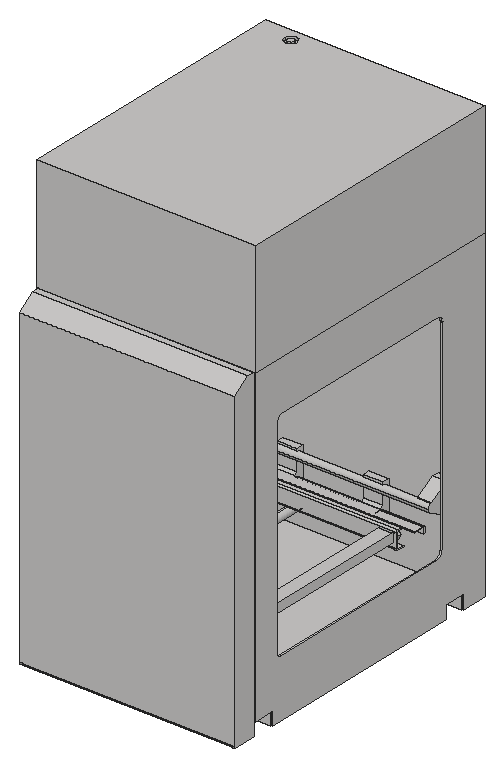
Revit family "QF_VEETSAN_534411_NCDSRE56", category Specialty Equipment, Revit 2018
Family settings
  Round Connector Dimension = Use Diameter
  Part Type = Normal
  Work Plane-Based = No
  Always vertical = Yes
  Cut with Voids When Loaded = No
  Shared = No
  Room Calculation Point = No
Parameters (values of type "QF_VEETSAN_534411_NCDSRE56")
  Weight = 40.00 kg
  Watts = 408.773 W
  Volts = 380 V
  URL Manufacturer = "http://www.veetsan.eu/"
  URL = "http://www.veetsan.eu/"
  Steam Supply Size = 0 mm
  Steam Supply Minimum Pressure = 0.0 Pa
  Steam Supply Maximum Pressure = 0.0 Pa
  Steam Pounds per Hour = 0
  Show Clearance [instance] = yes
  Refrigeration Suction Line Size = 0 mm
  Refrigeration Liquid Line Size = 0 mm
  Refrigerant Compressor Remote = yes
  Manufacturer = "Veetsan"
  Phase = 3
  Model = "NCDSRE56"
  Length Actual = 872 mm  # constant formula
  Item Number = "534411"
  Hot Water Size = 0 mm
  Height Actual = 877 mm  # constant formula
  HP = "5.9 HP"
  Gas Size = 0 mm
  Gas KW = 0
  Gas Input Pressure = 0 W
  Description = "CORNER DRYER FOR SINGLE RINSE RT, ELECTRIC, 50HZ & 60HZ"
  Depth Actual = 872 mm  # constant formula
  Cycle = 60 Hz
  Condensate Return Size = 0 mm
  Compressed Air Volume = 0.0 L/s
  Compressed Air Size = 0 mm
  Compressed Air Pressure = 0.0 Pa
  Cold Water Size = 0 mm
  Accessory = yes
Types (2, lengths in mm): name | URL | Manufacturer | Phase | Model | Description
  (no name) | 0 | 0 | 0 | 0 | 0
  QF_VEETSAN_534411_NCDSRE56 | "http://www.veetsan.eu/" | "Veetsan" | 3 | "NCDSRE56" | "CORNER DRYER FOR SINGLE RINSE RT, ELECTRIC, 50HZ & 60HZ"
Values of the unnamed type that differ from the named types
  Watts = 0 W
  Volts = 0 V
  URL Manufacturer = ""
  Item Number = ""
  HP = ""
  Cycle = 0 Hz
Reference planes
  plane 1: z = 0
  plane 2 "Center Y": x = 293.437
  plane 3 "LEFT": x = 13.437
  plane 4 "RIGHT": x = 573.437
  plane 5 "BACK": y = 383.258
  plane 6 "FRONT": y = -408.742
  plane 7: z = 150
  plane 8: y = -16.742
Forms (mm)
  Extrusion 1, solid, material "QF_Clearance", visible <- "Show Clearance", detail levels coarse
    sketch origin (0, 0, 0) x (1, 0, 0) y (0, 1, 0)
      loop
        line (13.437, 383.258) -> (573.437, 383.258) -> (573.437, 433.258) -> (13.437, 433.258) -> (13.437, 383.258)
    from 658 to 1785
  Extrusion 2, solid, material "QF_Finishes_Stainless Steel"
    sketch origin (13.437, 437.565, 4000) x (0, 1, 0) y (0, 0, 1)
      loop
        line (-730.807, -3340) -> (-177.807, -3340) -> (-177.807, -3305) -> (-121.807, -3305) -> (-121.807, -3340) -> (-54.307, -3340) -> (-54.307, -2507) -> (-786.307, -2507) -> (-786.307, -3305) -> (-730.807, -3305) -> (-730.807, -3340)
      loop
        arc (-206.509, -3192.258) -> (-194.345, -3187.22) -> (-189.307, -3175.057) r 17.201
        line (-189.307, -3175.057) -> (-189.307, -2652.201)
        arc (-189.307, -2652.201) -> (-194.345, -2640.038) -> (-206.509, -2635) r 17.201
        line (-206.509, -2635) -> (-702.106, -2635)
        arc (-702.106, -2635) -> (-714.269, -2640.038) -> (-719.307, -2652.201) r 17.201
        line (-719.307, -2652.201) -> (-719.307, -3175.057)
        arc (-719.307, -3175.057) -> (-714.269, -3187.22) -> (-702.106, -3192.258) r 17.201
        line (-702.106, -3192.258) -> (-206.509, -3192.258)
    from 0 to 5
  Extrusion 3, solid, material "QF_Finishes_Stainless Steel"
    sketch origin (293.437, 0, 235) x (0, 1, 0) y (0, 0, 1)
      loop
        line (383.258, 1550) -> (-348.742, 1550) -> (-348.742, 1258) -> (383.258, 1258) -> (383.258, 1550)
    from -280 to 280
  Extrusion 4, solid, material "QF_Finishes_Stainless Steel"
    sketch origin (293.437, 0, 0) x (0, 1, 0) y (0, 0, 1)
      loop
        line (383.258, 1493) -> (-348.742, 1493) -> (-348.742, 695) -> (-293.242, 695) -> (-293.242, 658) -> (259.758, 658) -> (259.758, 695) -> (315.758, 695) -> (315.758, 658) -> (383.258, 658) -> (383.258, 1493)
      loop
        line (-331.742, 710) -> (308.258, 710) -> (308.258, 1443) -> (-331.742, 1443) -> (-331.742, 710)
    from -275 to 275
  Extrusion 5, solid, material "QF_Finishes_Stainless Steel"
    sketch origin (573.437, 479.936, 4000) x (0, 1, 0) y (0, 0, 1)
      loop
        line (-248.879, -2635) -> (-744.477, -2635)
        arc (-744.477, -2635) -> (-756.64, -2640.038) -> (-761.678, -2652.201) r 17.201
        line (-761.678, -2652.201) -> (-761.678, -3175.057)
        arc (-761.678, -3175.057) -> (-756.64, -3187.22) -> (-744.477, -3192.258) r 17.201
        line (-744.477, -3192.258) -> (-248.879, -3192.258)
        arc (-248.879, -3192.258) -> (-236.716, -3187.22) -> (-231.678, -3175.057) r 17.201
        line (-231.678, -3175.057) -> (-231.678, -2652.201)
        arc (-231.678, -2652.201) -> (-236.716, -2640.038) -> (-248.879, -2635) r 17.201
      loop
        line (-220.178, -3340) -> (-220.178, -3305) -> (-164.178, -3305) -> (-164.178, -3340) -> (-96.678, -3340) -> (-96.678, -2507) -> (-828.678, -2507) -> (-828.678, -3305) -> (-773.178, -3305) -> (-773.178, -3340) -> (-220.178, -3340)
    from -5 to 0
  Extrusion 6, void
    sketch origin (293.437, 383.258, 1785) x (1, 0, 0) y (0, -1, 0)
      loop
        circle (-188, 33.75) r 8
      loop
        circle (-188, 33.75) r 16
    from 0 to 5
  Revolve 7, solid, material "QF_Finishes_Gray"
    sketch origin (360.437, -16.742, 0) x (1, 0, 0) y (0, 0, -1)
      loop
        line (0, -658) -> (39.084, -658) -> (39.084, -648.685) -> (28.095, -648.685) -> (28.095, -636.039) -> (22.236, -632.656) -> (22.236, -612) -> (0, -612) -> (0, -658)
      axis (0, -612) -> (0, -658)
    angle from 0 to 360
Cuts and joins
  Extrusion 6 cuts Extrusion 3
Lines and regions (mm)
  symbolic lines, style "QF_Clearances", visible <- "Show Clearance", detail levels coarse
    curve 1: line (573.437, 433.258, 1785) -> (13.437, 433.258, 1785)
  symbolic lines
    curve 2: line (13.437, 383.258, 0) -> (573.437, 383.258, 0)
    curve 3: line (13.437, -348.742, 0) -> (13.437, 383.258, 0)
    curve 4: line (573.437, -348.742, 0) -> (13.437, -348.742, 0)
    curve 5: line (573.437, 383.258, 0) -> (573.437, -348.742, 0)
    curve 6: line (13.437, 308.258, 0) -> (573.437, 308.258, 0)
    curve 7: line (573.437, -281.742, 0) -> (13.437, -281.742, 0)
Dimensions and locks
  plane 3 "LEFT" to plane 4 "RIGHT" = 560 mm
  plane 5 "BACK" to plane 6 "FRONT" = 792 mm  (x2)
  plane 7 to level = 150 mm
  Extrusion 1 to Extrusion 6 sketch curve = 92 mm
  aligned and locked: level to plane 1
  aligned and locked: cut or joined group of Extrusion 3, Extrusion 6 to plane 3 "LEFT"
  aligned and locked: plane 4 "RIGHT" to cut or joined group of Extrusion 3, Extrusion 6
Nested families
  nested 1: "Door_22'' Dryer" at (50, 3, 0), Show Clearance <- "Show Clearance", type "Door_22'' Dryer"
  nested 2: "Basket_Guide+Wash_Arm_22''" at (0, 0, 0), type "Basket_Guide+Wash_Arm_22''"
Connectors
  electrical at (105.437, 349.508, 1785), driven by "Volts"
    settings: on cut or joined group of Extrusion 3, Extrusion 6, index 5, voltage 380 V, apparent load 0 VA, apparent load phase1 0 VA, apparent load phase2 0 VA, apparent load phase3 0 VA, power factor 1, load classification "Altro", number of poles 1, system type 30, power factor state 1, is connector primary yes, connector utility no, sub classification motor no, connector description "Electrical Connection"
  piping at (360.437, -16.742, 612), diameter 40
    settings: on Revolve 7, index 6, connector inside diameter 609.6 mm, connector length 0 mm, flow factor 0, pipe flow 0.0 L/s, pressure drop 0.0 Pa, fitting loss kfactor 0, connector angle 0.00°, fixture units 0, engagement length 0 mm, angle of deflection 0.00°, flow configuration 1, flow direction 2, fitting loss method 0, system type 16, joint type 0, gender type 0, connector reference index -1, connector utility 0, adjustable connector no, is connector primary yes, connector description "Drain"
Definition of nested family "Door_22'' Dryer"
  Parameters
    Show Clearance [instance] = yes
  Reference planes
    plane 1: z = 0
    plane 2 "Center Y": x = 243.437
    plane 3 "LEFT": x = -36.563
    plane 4 "RIGHT": x = 523.437
    plane 5 "FRONT": y = -411.742
    plane 6: z = 150
    plane 7 "TOP": z = 1785
    plane 8: z = 2095
    plane 9: y = -351.742
  Forms (mm)
    Extrusion 1, solid
      sketch origin (243.437, 0, 0) x (0, 1, 0) y (0, 0, 1)
        loop
          line (-351.742, 658) -> (-351.742, 1493) -> (-371.817, 1493) -> (-411.742, 1463.413) -> (-411.742, 660.5)
          arc (-411.742, 660.5) -> (-411.01, 658.732) -> (-409.242, 658) r 2.5
          line (-409.242, 658) -> (-351.742, 658)
      from -275 to 275
  Lines and regions (mm)
    symbolic lines
      curve 1: line (-31.563, -411.742, 1785) -> (-31.563, -351.742, 1785)
      curve 2: line (518.437, -411.742, 1785) -> (-31.563, -411.742, 1785)
      curve 3: line (518.437, -351.742, 1785) -> (518.437, -411.742, 1785)
  Dimensions and locks
    plane 3 "LEFT" to plane 4 "RIGHT" = 560 mm
    plane 7 "TOP" to plane 6 to level = 1635 mm, 150 mm
    equal spacing: plane 3 "LEFT", plane 2 "Center Y", plane 4 "RIGHT"
    aligned and locked: level to plane 1
  Automatic sketch dimensions
    Extrusion 1 sketch curve to plane 5 "FRONT" = 0 mm
    plane 5 "FRONT" to Extrusion 1 sketch curve = 2.5 mm
    curve 1 to plane 9 = 0 mm
    curve 3 to plane 9 = 0 mm
    curve 2 to plane 5 "FRONT" = 0 mm
    plane 6 to Extrusion 1 sketch curve = 508 mm
    plane 3 "LEFT" to curve 1 = 5 mm
    curve 2 to plane 4 "RIGHT" = 5 mm
    Extrusion 1 sketch curve to plane 9 = 20.076 mm
    Extrusion 1 sketch curve to plane 7 "TOP" = 292 mm
    Extrusion 1 sketch curve to plane 9 = 0 mm
    Extrusion 1 sketch curve to Extrusion 1 sketch curve = 29.587 mm
Definition of nested family "Basket_Guide+Wash_Arm_22''"
  Reference planes
    plane 1: z = 0
    plane 2 "Center Y": x = 293.437
    plane 3 "LEFT": x = 13.437
    plane 4 "RIGHT": x = 573.437
    plane 5: z = 150
    plane 6 "TOP": z = 1785
    plane 7: z = 875
    plane 8: y = 383.258
    plane 9: y = -408.742
  Forms (mm)
    Extrusion 1, solid
      sketch origin (293.437, 0, 0) x (0, 1, 0) y (0, 0, 1)
        loop
          line (-283.687, 929.245) -> (-331.742, 956.99) -> (-331.742, 879.81) -> (-283.687, 907.554) -> (-283.687, 929.245)
        loop
          line (240.203, 929.245) -> (240.203, 907.554) -> (288.258, 879.81) -> (308.258, 879.81) -> (308.258, 956.99) -> (288.258, 956.99) -> (240.203, 929.245)
      from 259 to 223
    Extrusion 2, solid
      sketch origin (293.437, 0, 0) x (0, 1, 0) y (0, 0, 1)
        loop
          line (-283.687, 880.8) -> (-283.687, 933.4) -> (-301.108, 933.4) -> (-301.108, 856.308) -> (-249.185, 804.385) -> (-240.463, 763.388) -> (-239.485, 763.596) -> (-248.268, 804.882) -> (-277.084, 833.698) -> (-240.687, 833.698) -> (-240.687, 855.89) -> (-260.687, 855.89) -> (-260.687, 872.8) -> (-275.687, 872.8) -> (-283.687, 880.8)
        loop
          line (240.203, 880.8) -> (232.203, 872.8) -> (217.203, 872.8) -> (217.203, 855.89) -> (197.203, 855.89) -> (197.203, 833.698) -> (235.015, 833.698) -> (257.624, 856.308) -> (257.624, 933.4) -> (240.203, 933.4) -> (240.203, 880.8)
        loop
          line (-266.685, 1443) -> (-266.685, 1420.164) -> (-244.067, 1380.988) -> (-242.335, 1381.988) -> (-264.685, 1420.7) -> (-264.685, 1443) -> (-266.685, 1443)
      from 135 to 85
    Extrusion 3, solid
      sketch origin (293.437, 0, 0) x (0, 1, 0) y (0, 0, 1)
        loop
          line (-238.687, 858) -> (-238.687, 836) -> (195.203, 836) -> (195.203, 858) -> (-238.687, 858)
      from 195 to 160
    Extrusion 4, solid
      sketch origin (293.437, 0, 0) x (0, 1, 0) y (0, 0, 1)
        loop
          line (-283.687, 929.245) -> (-331.742, 956.99) -> (-331.742, 879.81) -> (-283.687, 907.554) -> (-283.687, 929.245)
        loop
          line (240.203, 929.245) -> (240.203, 907.554) -> (288.258, 879.81) -> (308.258, 879.81) -> (308.258, 956.99) -> (288.258, 956.99) -> (240.203, 929.245)
      from -259 to -223
    Extrusion 5, solid
      sketch origin (293.437, 0, 0) x (0, 1, 0) y (0, 0, 1)
        loop
          circle (-283.687, 918.4) r 10
        loop
          circle (240.203, 918.4) r 10
      from -259 to 259
    Extrusion 6, solid
      sketch origin (293.437, 0, 0) x (0, 1, 0) y (0, 0, 1)
        loop
          line (-283.687, 880.8) -> (-283.687, 933.4) -> (-301.108, 933.4) -> (-301.108, 856.308) -> (-249.185, 804.385) -> (-240.463, 763.388) -> (-239.485, 763.596) -> (-248.268, 804.882) -> (-277.084, 833.698) -> (-240.687, 833.698) -> (-240.687, 855.89) -> (-260.687, 855.89) -> (-260.687, 872.8) -> (-275.687, 872.8) -> (-283.687, 880.8)
        loop
          line (240.203, 880.8) -> (232.203, 872.8) -> (217.203, 872.8) -> (217.203, 855.89) -> (197.203, 855.89) -> (197.203, 833.698) -> (235.015, 833.698) -> (257.624, 856.308) -> (257.624, 933.4) -> (240.203, 933.4) -> (240.203, 880.8)
        loop
          line (-266.685, 1443) -> (-266.685, 1420.164) -> (-244.067, 1380.988) -> (-242.335, 1381.988) -> (-264.685, 1420.7) -> (-264.685, 1443) -> (-266.685, 1443)
      from -135 to -85
    Extrusion 7, solid
      sketch origin (293.437, 0, 0) x (0, 1, 0) y (0, 0, 1)
        loop
          line (233.58, 858) -> (235.58, 858) -> (235.58, 870.68)
          arc (235.58, 870.68) -> (234.315, 873.735) -> (231.26, 875) r 4.32
          line (231.26, 875) -> (203.58, 875) -> (203.58, 873) -> (231.26, 873)
          arc (231.26, 873) -> (232.901, 872.32) -> (233.58, 870.68) r 2.32
          line (233.58, 870.68) -> (233.58, 858)
        loop
          line (-277.064, 858) -> (-277.064, 870.68)
          arc (-277.064, 870.68) -> (-276.384, 872.32) -> (-274.744, 873) r 2.32
          line (-274.744, 873) -> (-247.064, 873) -> (-247.064, 875) -> (-274.744, 875)
          arc (-274.744, 875) -> (-277.799, 873.735) -> (-279.064, 870.68) r 4.32
          line (-279.064, 870.68) -> (-279.064, 858) -> (-277.064, 858)
      from -245 to 245
    Extrusion 8, solid
      sketch origin (293.437, 0, 0) x (0, 1, 0) y (0, 0, 1)
        loop
          line (197.203, 825.32) -> (197.203, 861.68)
          arc (197.203, 861.68) -> (197.883, 863.32) -> (199.523, 864) r 2.32
          line (199.523, 864) -> (217.203, 864) -> (217.203, 866) -> (199.523, 866)
          arc (199.523, 866) -> (196.469, 864.735) -> (195.203, 861.68) r 4.32
          line (195.203, 861.68) -> (195.203, 825.32)
          arc (195.203, 825.32) -> (196.469, 822.265) -> (199.523, 821) r 4.32
          line (199.523, 821) -> (217.203, 821) -> (217.203, 823) -> (199.523, 823)
          arc (199.523, 823) -> (197.883, 823.679) -> (197.203, 825.32) r 2.32
        loop
          arc (-240.687, 825.32) -> (-241.366, 823.679) -> (-243.007, 823) r 2.32
          line (-243.007, 823) -> (-260.687, 823) -> (-260.687, 821) -> (-243.007, 821)
          arc (-243.007, 821) -> (-239.952, 822.265) -> (-238.687, 825.32) r 4.32
          line (-238.687, 825.32) -> (-238.687, 861.68)
          arc (-238.687, 861.68) -> (-239.952, 864.735) -> (-243.007, 866) r 4.32
          line (-243.007, 866) -> (-260.687, 866) -> (-260.687, 864) -> (-243.007, 864)
          arc (-243.007, 864) -> (-241.366, 863.32) -> (-240.687, 861.68) r 2.32
          line (-240.687, 861.68) -> (-240.687, 825.32)
      from -205 to 205
    Extrusion 9, solid
      sketch origin (293.437, 0, 0) x (0, 1, 0) y (0, 0, 1)
        loop
          line (-238.687, 858) -> (-238.687, 836) -> (195.203, 836) -> (195.203, 858) -> (-238.687, 858)
      from -195 to -160
    Extrusion 10, solid
      sketch origin (128.437, 308.258, 1443) x (0, 0, 1) y (-1, 0, 0)
        loop
          line (-650.516, -267.5) -> (-663.507, -260) -> (-676.497, -267.5) -> (-676.497, -282.5) -> (-663.507, -290) -> (-650.516, -282.5) -> (-650.516, -267.5)
        loop
          line (-22.01, -267.5) -> (-35, -260) -> (-47.99, -267.5) -> (-47.99, -282.5) -> (-35, -290) -> (-22.01, -282.5) -> (-22.01, -267.5)
        loop
          line (-650.516, -47.5) -> (-663.507, -40) -> (-676.497, -47.5) -> (-676.497, -62.5) -> (-663.507, -70) -> (-650.516, -62.5) -> (-650.516, -47.5)
        loop
          line (-22.01, -47.5) -> (-35, -40) -> (-47.99, -47.5) -> (-47.99, -62.5) -> (-35, -70) -> (-22.01, -62.5) -> (-22.01, -47.5)
      from 0 to 30
    Extrusion 11, solid
      sketch origin (128.437, 278.258, 1443) x (0, 0, 1) y (-1, 0, 0)
        loop
          circle (-663.507, -275) r 10
        loop
          circle (-35, -275) r 10
        loop
          circle (-663.507, -55) r 10
        loop
          circle (-35, -55) r 10
      from 0 to 537.443
  Cuts and joins
    joined: Extrusion 1, Extrusion 2, Extrusion 3, Extrusion 4, Extrusion 5, Extrusion 6, Extrusion 7, Extrusion 8, Extrusion 9, Extrusion 10, Extrusion 11
  Dimensions and locks
    plane 3 "LEFT" to plane 4 "RIGHT" = 560 mm
    plane 3 "LEFT" to plane 2 "Center Y" to plane 4 "RIGHT" = 280 mm, 280 mm
    plane 6 "TOP" to plane 5 to level = 1635 mm, 150 mm
    plane 9 to plane 8 = 792 mm
    aligned and locked: level to plane 1
